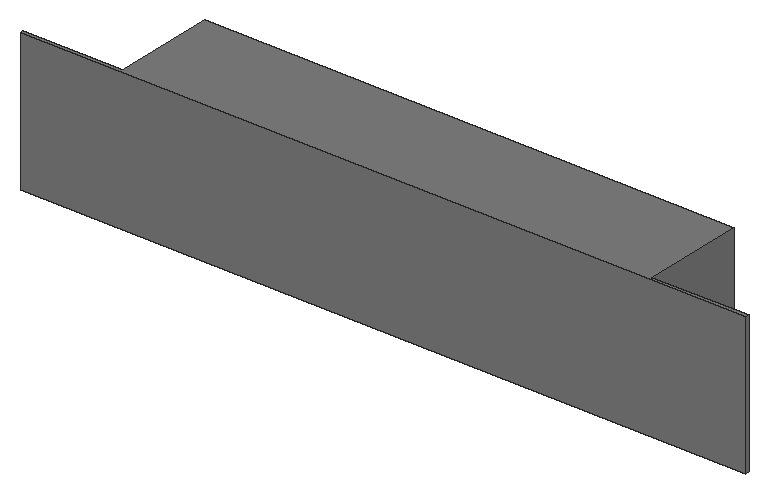
Revit family "800", category Generic Models, Revit 2021
Family settings
  Can host rebar = No
  Round Connector Dimension = Use Diameter
  Part Type = Normal
  Work Plane-Based = No
  Always vertical = Yes
  Cut with Voids When Loaded = No
  Shared = No
  Room Calculation Point = No
Parameters
  e-mail = "info@vola.com"
  URL = "http://vola.com"
  Telephone = "+45 7023 5500"
  Quality management standard = "ISO 9001"
  Organisation no. / DUNS no. = "17531328"
  Occupational health and safety management standard = "ISO 18001"
  Mounting Instructions = "http://vola.com/service/producturl.ashx?name=800"
  Model = "800"
  Materials and components information = "http://vola.com/service/producturl.ashx?name=800"
  Manufacturer = "VOLA A/S"
  Maintenance Instructions = "http://vola.com/service/producturl.ashx?name=800"
  Guarantee = "2 years"
  Flow = "34,00 l/min"
  Environmental management standard = "ISO 14000"
  Default Elevation = 0.00 mm
  Connection - All relevant connections = ""
  Approvals = "http://vola.com/service/producturl.ashx?name=800"
Reference planes
  plane 1 "Center (Front/Back)": y = 0
  plane 2: z = 0
  plane 3 "Center (Left/Right)": x = 0
  plane 4 "Inlet Center Plane": y = -23.5
  plane 5: z = 55
Forms (mm)
  Extrusion 1, solid, material "Default"
    sketch origin (0, 0, -14) x (1, 0, 0) y (0, 1, 0)
      loop
        line (-137.5, 0) -> (-137.5, -69) -> (220.5, -69) -> (220.5, 0) -> (-137.5, 0)
    from 21.5 to 116.5
  Extrusion 2, solid, material "Stainless Steel"
    sketch origin (51, 1.5, 7.5) x (0, 1, 0) y (1, 0, 0)
      loop
        circle (-25, -12) r 14
    from 0 to 7.5
  Extrusion 3, solid, material "Default"
    sketch origin (0, -1, -14) x (1, 0, 0) y (0, 1, 0)
      loop
        line (-205, -68) -> (-205, -70.5) -> (285.5, -70.5) -> (285.5, -68) -> (-205, -68)
    from 21.5 to 116.5
  Extrusion 4, solid, material "Stainless Steel"
    sketch origin (-27, 1.5, 7.5) x (0, 1, 0) y (1, 0, 0)
      loop
        circle (-25, -12) r 14
    from 0 to 7.5
Cuts and joins
  joined: Extrusion 1, Extrusion 3
Lines and regions (mm)
  reference lines
    curve 1: line (-39, -23.5, 55) -> (-39, -108.5, 55)
    curve 2: line (39, -23.5, 55) -> (39, -108.5, 55)
    curve 3: line (39, -23.5, 55) -> (39, -23.5, -44)
    curve 4: line (-39, -23.5, 44) -> (-39, -23.5, -44)
    curve 5: line (117, -38, 152.5) -> (117, -38, -42.5)
    curve 6: line (117, -23.5, 55) -> (117, -108.5, 55)
Dimensions and locks
  aligned and locked: plane 2 to level
  aligned and locked: plane 5 to curve 3
  aligned and locked: Extrusion 1 to Extrusion 3
  aligned and locked: Extrusion 3 to Extrusion 1
